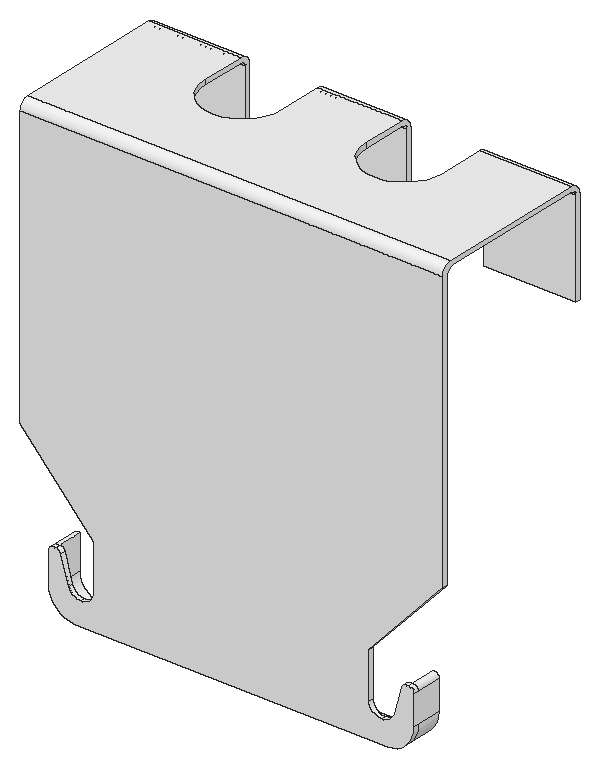
Revit family "wclip_50", category 機械設備, Revit 2022
Family settings
  丸型コネクタ寸法 = 直径を使用
  種別 = なし
  パーツ タイプ = 標準
  作業面ベース = いいえ
  常に垂直 = はい
  ロード時にボイドで切り取り = いいえ
  注釈の向きを維持 = いいえ
  共有 = いいえ
  部屋計算ポイント = いいえ
Parameters
  製造元 = "株式会社桐井製作所"
  既定の高さ = 0 mm
  URL = "https://www.kirii.co.jp/"
  K_品名 = "特殊50mmWクリップ"
  K_名称 = "特殊クリップ"
  K_入数 = "500"
  K_バージョン情報 = "20211012"
Reference planes
  plane 1 "中心(正面/背面)": y = 0
  plane 2: z = 0
  plane 3 "中心(左/右)": x = 0
Forms (mm)
  Extrusion 1, solid
    sketch origin (0, 30, 0) x (0, 1, 0) y (0, 0, 1)
      loop
        line (-30, 0) -> (-29.4, -0.6) -> (-29.4, 56.75)
        arc (-29.4, 56.75) -> (-29.034, 57.634) -> (-28.15, 58) r 1.25
        line (-28.15, 58) -> (-9, 58)
        arc (-9, 58) -> (-8.54, 57.81) -> (-8.35, 57.35) r 0.65
        line (-8.35, 57.35) -> (-8.35, 44.25) -> (-7.75, 44.85) -> (-7.75, 57.35)
        arc (-7.75, 57.35) -> (-8.116, 58.234) -> (-9, 58.6) r 1.25
        line (-9, 58.6) -> (-28.75, 58.6)
        arc (-28.75, 58.6) -> (-29.634, 58.234) -> (-30, 57.35) r 1.25
        line (-30, 57.35) -> (-30, 0)
    from -27.5 to 27.5
  Extrusion 2, void
    sketch origin (0, -0.6, -0.8) x (0, 1, 0) y (0, 0, 1)
      loop
        line (0.387, 0.8) -> (0.387, -0.064) -> (1.428, -0.064) -> (1.428, 0.8) -> (0.387, 0.8)
    from -27.5 to 27.5
  Extrusion 3, void
    sketch origin (0, 0, 0) x (1, 0, 0) y (0, 0, 1)
      loop
        line (-27.5, 21) -> (-27.5, 0) -> (-20.3, 0)
        arc (-20.3, 0) -> (-22.775, 1.025) -> (-23.8, 3.5) r 3.5
        line (-23.8, 3.5) -> (-23.8, 7.4)
        arc (-23.8, 7.4) -> (-23.55, 7.901) -> (-23, 8.003) r 0.627
        arc (-23, 8.003) -> (-22.495, 7.958) -> (-22.177, 7.562) r 0.647
        line (-22.177, 7.562) -> (-21.207, 4.096)
        arc (-21.207, 4.096) -> (-20.595, 3.252) -> (-19.581, 3.011) r 1.5
        arc (-19.581, 3.011) -> (-18.405, 3.377) -> (-17.9, 4.5) r 1.5
        line (-17.9, 4.5) -> (-17.9, 10.5) -> (-27.5, 21)
      loop
        line (27.5, 21) -> (17.9, 10.5) -> (17.9, 4.5)
        arc (17.9, 4.5) -> (18.405, 3.377) -> (19.581, 3.011) r 1.5
        arc (19.581, 3.011) -> (20.595, 3.252) -> (21.207, 4.096) r 1.5
        line (21.207, 4.096) -> (22.177, 7.562)
        arc (22.177, 7.562) -> (22.495, 7.958) -> (23, 8.003) r 0.647
        arc (23, 8.003) -> (23.55, 7.901) -> (23.8, 7.4) r 0.627
        line (23.8, 7.4) -> (23.8, 3.5)
        arc (23.8, 3.5) -> (22.775, 1.025) -> (20.3, 0) r 3.5
        line (20.3, 0) -> (27.5, 0) -> (27.5, 21)
    from -0.6 to 0.455
  Extrusion 4, void
    sketch origin (0, 5.371, 20.076) x (0, 1, 0) y (0, 0, 1)
      loop
        line (15.756, 24.774) -> (15.756, 23.898) -> (16.879, 23.898) -> (16.879, 24.774) -> (15.756, 24.774)
    from -27.5 to 27.5
  Extrusion 5, void
    sketch origin (0, 9.471, 24.971) x (1, 0, 0) y (0, 1, 0)
      loop
        line (-15.5, 12.779) -> (-15.5, 5.529)
        arc (-15.5, 5.529) -> (-10.5, 0.529) -> (-5.5, 5.529) r 5
        line (-5.5, 5.529) -> (-5.5, 12.779) -> (-15.5, 12.779)
      loop
        line (5.5, 12.779) -> (5.5, 5.529)
        arc (5.5, 5.529) -> (10.5, 0.529) -> (15.5, 5.529) r 5
        line (15.5, 5.529) -> (15.5, 12.779) -> (5.5, 12.779)
    from 19.002 to 33.629
  Extrusion 6, solid
    sketch origin (0, 0, 0) x (1, 0, 0) y (0, 0, 1)
      loop
        arc (-23.8, 3.5) -> (-22.775, 1.025) -> (-20.3, 0) r 3.5
        line (-20.3, 0) -> (20.3, 0)
        arc (20.3, 0) -> (22.775, 1.025) -> (23.8, 3.5) r 3.5
        line (23.8, 3.5) -> (23.8, 7.4)
        arc (23.8, 7.4) -> (23.55, 7.901) -> (23, 8.003) r 0.627
        line (23, 8.003) -> (23, 3.5)
        arc (23, 3.5) -> (22.209, 1.591) -> (20.3, 0.8) r 2.7
        line (20.3, 0.8) -> (-20.3, 0.8)
        arc (-20.3, 0.8) -> (-22.209, 1.591) -> (-23, 3.5) r 2.7
        line (-23, 3.5) -> (-23, 8.003)
        arc (-23, 8.003) -> (-23.55, 7.901) -> (-23.8, 7.4) r 0.627
        line (-23.8, 7.4) -> (-23.8, 3.5)
    from -4 to -0.6
Cuts and joins
  Extrusion 2, Extrusion 3, Extrusion 4, Extrusion 5 cuts Extrusion 1
  joined: Extrusion 1, Extrusion 6
Dimensions and locks
  aligned and locked: level to plane 2
